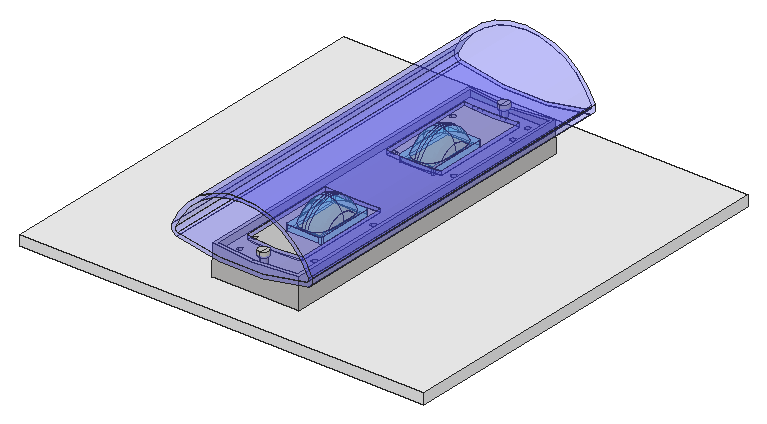
Revit family "BE_50086.2_de_DE", category Leuchten, Revit 2015
Parameters (values of type "BEGA_50086.2_K3")
  built-in parameter 1150104 = 8.3613 (stored number, unit not read)
  Wattage = 24 W
  Default Elevation = 0 mm
  built-in parameter 1150113 = 1 (stored number, unit not read)
  built-in parameter 1114218 = 1 (stored number, unit not read)
  Umgebungstemperatur = "25 °C"
  URL = "http://www.bega.de/produkt/50086.2"
  Typenkommentare = "© 2017 BEGA. Wir behalten uns das Recht vor, technische Änderungen ohne vorherige Ankündigung vorzunehmen."  # constant formula
  built-in parameter 1150134 = (empty or 0)
  built-in parameter 1150109 = 1 (stored number, unit not read)
  Strom = ""
  built-in parameter 1150110 = 1 (stored number, unit not read)
  Spannung = 230 V
  Sonderanfertigung = no
  Seriennummer [instance] = "Hier können Sie die eindeutige Seriennummer für das Facility Management eintragen."
  Schutzklasse = "I"
  Schutzart = "IP 20"
  Scheinlast = 0 VA
  Produktdatenblatt = "http://www.bega.de/download/Xrfa/db/50086.2.db.de.pdf"
  Oberflächentemperatur = ""
  Neigungswinkel = 0.00°
  Modell = "50086.2"
  Material_17 = BEGA_Reflektor
  Material_15 = BEGA_Leuchtmedium_matt
  Material_12 = BEGA_Kunststoff_klar
  Material_11 = BEGA_Glas_opal
  Material_09 = BEGA_Glas_klar
  Material_06 = BEGA_Oberfläche_Edelstahl_gebürstet
  Material_05 = BEGA_Oberfläche_Aluminium Guss
  Material_03 = BEGA_Oberfläche_Weiss_matt
  Material_02 = BEGA_Oberfläche_Silber_matt
  Material_01 [instance] = BEGA_Oberfläche_Grafit_matt
  M_W = no
  M_G = no
  M_A = no
  Logo = 0
  built-in parameter 1114217 = 1 (stored number, unit not read)
  built-in parameter 1150139 = (empty or 0)
  built-in parameter 1150105 = 171.89 (stored number, unit not read)
  built-in parameter 1150114 = 1 (stored number, unit not read)
  Lumens = 2160 lm
  built-in parameter 1150115 = 1 (stored number, unit not read)
  Leuchtenlichtstrom = "1784 lm"
  Leuchtenanzahl = ""
  Lebensdauerkriterien = "L70B50 @ 25 °C =  h"
  Lastklassifizierung = Beleuchtung
  built-in parameter 1150112 = 1 (stored number, unit not read)
  Lampenlichtstrom = "2160 lm"
  Lampe = "LED 24 W"
  LED_Modulbezeichnung = "2x LED-0607/830 "
  Hersteller = "BEGA"  # constant formula
  Halbstreuwinkel = ""
  Gewicht = "1.6 kg"
  Gebrauchslageneinschränkung [instance] = ""
  Frequenz = "50/60 Hz"
  Farbwiedergabeindex = "Ra > 80"
  Farbtemperaturverschiebung bei Dämpfen der Lampe = <Keine Auswahl>
  Farbtemperatur = "3000 K"
  Color Filter = 16777215
  built-in parameter 1150133 = 10 (stored number, unit not read)
  Energieeffizienzklasse = "LED A++ - A"
  built-in parameter 1150137 = (empty or 0)
  built-in parameter 1150132 = (empty or 0)
  ENEC = ""
  Dimmbar [instance] = ""
  Datei für fotometrisches Netz = "BE_50086.IES"
  CE_Konformität = "ja"
  Bestellnummer = "50086.2"
  Beschreibung_Sonderanfertigung = "Hier können Sie Informationen zur Sonderanfertigung eintragen."
  Beschreibung = "Wandleuchte"
  built-in parameter 1150106 = 1.7189 (stored number, unit not read)
  Befestigungsbohrung = "Ø 5 mm"
  Befestigungsabstand = "287 x 55 mm"
  Ballwurfsicher = ""
  BEGA_Intern_aus = yes
  BEGA_Intern_an = yes
  BEGA_Intern_Konstruktion = yes
  BEGA_Intern = yes
  BEGA_IES = yes
  BEGA_Dummy = no
  Anschlussleitung = ""
  Anschlussleistung [instance] = "24 W"
  Anschlusskasten = ""
  built-in parameter 1150107 = 3000 (stored number, unit not read)
  built-in parameter 1150102 = (empty or 0)
  built-in parameter 1150138 = (empty or 0)
  Aktualisierung = "2017-09-29T04:10:01"
  Abstand_zur_angestrahlten_Fläche [instance] = ""
  AC/DC = "AC"
Reference planes
  plane 1 "Mitte (Vorne/Hinten)": y = 0
  plane 2: z = 0
  plane 3 "Mitte (Links/Rechts)": x = 0
  plane 4 "Links": x = -70.001
  plane 5 "Rechts": x = 70.001
  plane 6 "Unten": y = -175
  plane 7 "Oben": y = 175
  plane 8 "Vorne": z = 91.477
  plane 9 "Hinten": z = 0
Forms (mm)
  Extrusion 1, solid, material "BEGA_Platte_Weiss"
    sketch origin (0, -1119.2, 0) x (1, 0, 0) y (0, 1, 0)
      loop
        line (-200, 1319.2) -> (-200, 919.2) -> (200, 919.2) -> (200, 1319.2) -> (-200, 1319.2)
    from 0 to -10
  Extrusion 2, solid, material "BEGA_Dummy_matt", visible <- "BEGA_Dummy"
    sketch origin (80.095, -76.023, 0) x (1, 0, 0) y (0, 1, 0)
      loop
        line (-150.096, 251.023) -> (-150.096, -98.977) -> (-10.095, -98.977) -> (-10.095, 251.023) -> (-150.096, 251.023)
    from 0 to 91.477
Dimensions and locks
  plane 1 "Mitte (Vorne/Hinten)" to Extrusion 1 = 200 mm
  aligned and locked: plane 2 to Extrusion 1
  aligned and locked: level to Extrusion 1
Nested families
  nested 1: "BE_50086.2" at (0, 0, 0), type "BE_50086.2"
Connectors
  electrical at (0, 0, 0), driven by "Lastklassifizierung", driven by "Spannung", driven by "Scheinlast"
    settings: index 1, voltage 230 V, apparent load 0 VA, apparent load phase1 0 VA, apparent load phase2 0 VA, apparent load phase3 0 VA, power factor 1, load classification "Beleuchtung", number of poles 1, system type 31, power factor state 1, is connector primary yes, connector utility no, sub classification motor no, connector description ""
Definition of nested family "BE_50086.2"
  Parameters (values of type "BE_50086.2")
    Default Elevation = 1 mm
    URL = "http://www.bega.de/de/produkt"
    Type Comments = "© 2015 BEGA. Wir behalten uns das Recht vor, technische Änderungen ohne vorherige Ankündigung vorzunehmen. "  # constant formula
    Type Image = (empty or 0)
    Neigungswinkel_um_Z2 = 0.00°
    Neigungswinkel_um_Z1 = 0.00°
    Neigungswinkel_um_Y2 = 0.00°
    Neigungswinkel_um_Y1 = 0.00°
    Neigungswinkel_um_X2 = 0.00°
    Neigungswinkel_um_X1 = 0.00°
    Material_17 = none
    Material_15 = none
    Material_12 = none
    Material_11 = none
    Material_09 = none
    Material_06 = none
    Material_05 = none
    Material_03 = none
    Material_02 = none
    Material_01 = none
    M_W = yes
    M_G = yes
    M_A = yes
    Länge_Platte = 300 mm  # constant formula
    Höhe_Platte = -10 mm  # constant formula
    Manufacturer = "BEGA"  # constant formula
    Drehwinkel_um_Z2 = 0.00°
    Drehwinkel_um_Z1 = 0.00°
    Breite_Platte = 500 mm  # constant formula
  Reference planes
    plane 1 "Mitte (Oben/Unten)": y = 0
    plane 2: z = 0
    plane 3 "Mitte (Links/Rechts)": x = 0
    plane 4: x = -70.001
    plane 5: x = 70.001
    plane 6: z = 91.477
    plane 7: y = -175
    plane 8: y = 175
  Forms (mm)
    Extrusion 1, solid, detail levels medium
      sketch origin (0, 0, 0) x (1, 0, 0) y (0, 1, 0)
        loop
          line (-150, 250) -> (-150, -250) -> (150, -250) -> (150, 250) -> (-150, 250)
      from 0 to -10 <- "Höhe_Platte"
    Sweep 2, solid, material <- "Material_06", detail levels medium+fine
      path origin (0, 0, 0) x (1, 0, 0) y (0, 1, 0)
        loop
          line (-43, 158.5) -> (-43, -158.5) -> (43, -158.5) -> (43, 158.5) -> (-43, 158.5)
      profile origin (-43, 0, 0) x (1, 0, 0) y (0, 0, 1)
        loop
          line (0, 0) -> (3, 0) -> (3.49, 14.036)
          arc (3.49, 14.036) -> (3.795, 14.72) -> (4.49, 15) r 1
          line (4.49, 15) -> (41.372, 15) -> (41.372, 23) -> (4.066, 23) -> (3.834, 29.636) -> (0.517, 29.636) -> (0, 0)
    Extrusion 3, void
      sketch origin (0, 0, 0) x (1, 0, 0) y (0, 1, 0)
        loop
          circle (27.577, 143.5) r 2.5
        loop
          circle (-27.423, -143.5) r 2.5
        loop
          circle (-29.5, 49.5) r 2.605
        loop
          circle (29.5, 49.5) r 2.605
        loop
          circle (-29.5, 122.5) r 2.605
        loop
          circle (29.5, 122.5) r 2.605
        loop
          circle (-29.5, -49.5) r 2.605
        loop
          circle (29.5, -49.5) r 2.605
        loop
          circle (-29.5, -122.5) r 2.605
        loop
          circle (29.5, -122.5) r 2.605
      from -0.512 to 23.779
    Extrusion 4, solid, material <- "Material_06", detail levels medium+fine
      sketch origin (0, 0, 0) x (1, 0, 0) y (0, 0, 1)
        loop
          line (-2.307, 23) -> (-2.307, 15) -> (3.665, 15) -> (3.665, 23) -> (-2.307, 23)
      from -119.836 to 117.128
    Revolve 5, solid, material <- "Material_06", detail levels medium+fine
      sketch origin (55, 143.5, 0) x (1, 0, 0) y (0, 0, 1)
        loop
          line (-35.973, 14.036) -> (-35.567, 2.43)
          arc (-35.567, 2.43) -> (-34.958, 1.061) -> (-33.569, 0.5) r 2
          line (-33.569, 0.5) -> (-27.5, 0.5) -> (-27.5, 15) -> (-36.972, 15)
          arc (-36.972, 15) -> (-36.278, 14.72) -> (-35.973, 14.036) r 1
        axis (-27.5, 15) -> (-27.5, 0.5)
      angle from 0 to 360
    Extrusion 6, void
      sketch origin (0, 0, 0) x (1, 0, 0) y (0, 0, 1)
        loop
          arc (-4.714, 26.037) -> (30.154, 27.818) -> (64.433, 34.438) r 250
          line (64.433, 34.438) -> (-64.433, 34.438)
          arc (-64.433, 34.438) -> (-34.828, 28.43) -> (-4.714, 26.037) r 250
      from -163.306 to 163.206
    Revolve 7, solid, material <- "Material_12", detail levels medium+fine
      sketch origin (0, 69.717, 0) x (1, 0, 0) y (0, 0, 1)
        loop
          arc (-2.803, 47.359) -> (-10.163, 43.923) -> (-14.774, 37.236) r 15.5
          arc (-14.774, 37.236) -> (-15.878, 32.98) -> (-16.25, 28.6) r 26.067
          line (-16.25, 28.6) -> (16.25, 28.6)
          arc (16.25, 28.6) -> (15.878, 32.98) -> (14.774, 37.236) r 26.067
          arc (14.774, 37.236) -> (10.163, 43.923) -> (2.803, 47.359) r 15.5
          arc (2.803, 47.359) -> (1.407, 47.54) -> (0, 47.6) r 16.458
          arc (0, 47.6) -> (-1.406, 47.54) -> (-2.803, 47.359) r 16.458
        axis (-16.25, 16.6) -> (16.25, 16.6)
      angle from 0 to 360
    Extrusion 8, void
      sketch origin (0, 0, 0) x (1, 0, 0) y (0, 0, 1)
        loop
          line (-16.793, 29.077) -> (-16.793, -16.4) -> (17.03, -16.4) -> (17.03, 29.077) -> (-16.793, 29.077)
      from -104.013 to -36.47
    Extrusion 9, solid, material <- "Material_12", detail levels medium+fine
      sketch origin (0, 0, 0) x (1, 0, 0) y (0, 1, 0)
        loop
          arc (-15.275, 99.208) -> (-16.213, 99.025) -> (-17.013, 98.502) r 2.489
          arc (-17.013, 98.502) -> (-17.532, 97.704) -> (-17.714, 96.77) r 2.489
          line (-17.714, 96.77) -> (-17.714, 42.219)
          arc (-17.714, 42.219) -> (-17.532, 41.285) -> (-17.012, 40.487) r 2.489
          arc (-17.012, 40.487) -> (-16.213, 39.964) -> (-15.275, 39.781) r 2.489
          line (-15.275, 39.781) -> (15.273, 39.781)
          arc (15.273, 39.781) -> (16.212, 39.964) -> (17.012, 40.487) r 2.489
          arc (17.012, 40.487) -> (17.532, 41.285) -> (17.714, 42.219) r 2.489
          line (17.714, 42.219) -> (17.714, 96.77)
          arc (17.714, 96.77) -> (17.532, 97.704) -> (17.013, 98.502) r 2.489
          arc (17.013, 98.502) -> (16.213, 99.025) -> (15.275, 99.208) r 2.489
          line (15.275, 99.208) -> (-15.275, 99.208)
      from 23 to 29.077
    Extrusion 10, solid, material <- "Material_11", detail levels medium+fine
      sketch origin (0, 0, 0) x (1, 0, 0) y (0, 0, 1)
        loop
          arc (-69.445, 44.802) -> (-69.18, 38.558) -> (-64.279, 34.683) r 7.5
          arc (-64.279, 34.683) -> (0.08, 26.278) -> (64.433, 34.724) r 250
          arc (64.433, 34.724) -> (69.216, 38.632) -> (69.445, 44.805) r 7.5
          arc (69.445, 44.805) -> (-0.001, 91.477) -> (-69.445, 44.802) r 75
        loop
          arc (-65.741, 43.291) -> (-65.614, 40.371) -> (-63.316, 38.566) r 3.5
          arc (-63.316, 38.566) -> (0.045, 30.278) -> (63.402, 38.589) r 246
          arc (63.402, 38.589) -> (65.634, 40.412) -> (65.741, 43.294) r 3.5
          arc (65.741, 43.294) -> (-0.001, 87.477) -> (-65.741, 43.291) r 71
      from -175 to 175
    Extrusion 11, solid, material <- "Material_15", detail levels medium+fine
      sketch origin (0, 0, 0) x (1, 0, 0) y (0, 1, 0)
        loop
          line (-11.5, 93.3) -> (-11.5, 45.7) -> (11.5, 45.7) -> (11.5, 93.3) -> (-11.5, 93.3)
      from 25.258 to 26.343
    Extrusion 12, void
      sketch origin (0, 0, 0) x (1, 0, 0) y (0, 1, 0)
        loop
          line (27.157, 134.657) -> (-27.157, 134.657) -> (-27.157, 37.343) -> (27.157, 37.343) -> (27.157, 134.657)
        loop
          line (27.157, -134.657) -> (27.157, -37.343) -> (-27.157, -37.343) -> (-27.157, -134.657) -> (27.157, -134.657)
      from 24.301 to 35.745
    Revolve 13, solid, material <- "Material_06", detail levels fine
      sketch origin (0, 0, 0) x (0, -1, 0) y (0, 0, 1)
        loop
          line (-148.5, 34.277) -> (-148.5, 18) -> (-145.5, 18) -> (-145.5, 30.07) -> (-143.515, 30.07) -> (-143.515, 34.277) -> (-148.5, 34.277)
        axis (-148.5, 34.277) -> (-148.5, 18)
      angle from 0 to 360
    Revolve 14, solid, material <- "Material_06", detail levels medium+fine
      sketch origin (-55, -143.5, 0) x (-1, 0, 0) y (0, 0, 1)
        loop
          line (-35.973, 14.036) -> (-35.567, 2.43)
          arc (-35.567, 2.43) -> (-34.958, 1.061) -> (-33.569, 0.5) r 2
          line (-33.569, 0.5) -> (-27.5, 0.5) -> (-27.5, 15) -> (-36.972, 15)
          arc (-36.972, 15) -> (-36.278, 14.72) -> (-35.973, 14.036) r 1
        axis (-27.5, 15) -> (-27.5, 0.5)
      angle from 0 to 360
    Revolve 15, solid, material <- "Material_06", detail levels fine
      sketch origin (0, 0, 0) x (0, 1, 0) y (0, 0, 1)
        loop
          line (-148.5, 34.277) -> (-148.5, 18) -> (-145.5, 18) -> (-145.5, 30.07) -> (-143.515, 30.07) -> (-143.515, 34.277) -> (-148.5, 34.277)
        axis (-148.5, 34.277) -> (-148.5, 18)
      angle from 0 to 360
    Revolve 16, solid, material <- "Material_12", detail levels medium+fine
      sketch origin (0, -69.717, 0) x (1, 0, 0) y (0, 0, -1)
        loop
          arc (-2.803, -47.359) -> (-1.406, -47.54) -> (0, -47.6) r 16.458
          arc (0, -47.6) -> (1.407, -47.54) -> (2.803, -47.359) r 16.458
          arc (2.803, -47.359) -> (10.163, -43.923) -> (14.774, -37.236) r 15.5
          arc (14.774, -37.236) -> (15.878, -32.98) -> (16.25, -28.6) r 26.067
          line (16.25, -28.6) -> (-16.25, -28.6)
          arc (-16.25, -28.6) -> (-15.878, -32.98) -> (-14.774, -37.236) r 26.067
          arc (-14.774, -37.236) -> (-10.163, -43.923) -> (-2.803, -47.359) r 15.5
        axis (-16.25, -16.6) -> (16.25, -16.6)
      angle from 0 to 360
    Extrusion 17, solid, material <- "Material_12", detail levels medium+fine
      sketch origin (0, 0, 0) x (1, 0, 0) y (0, 1, 0)
        loop
          line (-15.275, -99.208) -> (15.275, -99.208)
          arc (15.275, -99.208) -> (16.213, -99.025) -> (17.013, -98.502) r 2.489
          arc (17.013, -98.502) -> (17.532, -97.704) -> (17.714, -96.77) r 2.489
          line (17.714, -96.77) -> (17.714, -42.219)
          arc (17.714, -42.219) -> (17.532, -41.285) -> (17.012, -40.487) r 2.489
          arc (17.012, -40.487) -> (16.212, -39.964) -> (15.273, -39.781) r 2.489
          line (15.273, -39.781) -> (-15.275, -39.781)
          arc (-15.275, -39.781) -> (-16.213, -39.964) -> (-17.012, -40.487) r 2.489
          arc (-17.012, -40.487) -> (-17.532, -41.285) -> (-17.714, -42.219) r 2.489
          line (-17.714, -42.219) -> (-17.714, -96.77)
          arc (-17.714, -96.77) -> (-17.532, -97.704) -> (-17.013, -98.502) r 2.489
          arc (-17.013, -98.502) -> (-16.213, -99.025) -> (-15.275, -99.208) r 2.489
      from 23 to 29.077
    Extrusion 18, void
      sketch origin (0, 0, 0) x (1, 0, 0) y (0, 0, -1)
        loop
          line (-16.793, -29.077) -> (17.03, -29.077) -> (17.03, 16.4) -> (-16.793, 16.4) -> (-16.793, -29.077)
      from -104.013 to -36.47
    Extrusion 19, solid, material <- "Material_15", detail levels medium+fine
      sketch origin (0, 0, 0) x (1, 0, 0) y (0, 1, 0)
        loop
          line (-11.5, -93.3) -> (11.5, -93.3) -> (11.5, -45.7) -> (-11.5, -45.7) -> (-11.5, -93.3)
      from 25.258 to 26.343
  Cuts and joins
    Extrusion 3, Extrusion 6, Extrusion 12 cuts Sweep 2
    Extrusion 6, Extrusion 12 cuts Extrusion 4
    Extrusion 3, Extrusion 12 cuts Revolve 5
    Extrusion 3 cuts Revolve 14
    joined: Sweep 2, Extrusion 4, Revolve 5, Revolve 14
    Extrusion 8, Extrusion 18 cuts Revolve 7
    Extrusion 18 cuts Extrusion 9
    joined: Revolve 7, Extrusion 9
    Extrusion 12 cuts Extrusion 10
    Extrusion 18 cuts Extrusion 11
    Extrusion 18 cuts Revolve 16
    joined: Revolve 16, Extrusion 17
  Dimensions and locks
    equal spacing: Extrusion 1 sketch curve, plane 3 "Mitte (Links/Rechts)", Extrusion 1 sketch curve
    equal spacing: Extrusion 1 sketch curve, plane 1 "Mitte (Oben/Unten)", Extrusion 1 sketch curve
    "Länge_Platte": Extrusion 1 sketch curve to Extrusion 1 sketch curve
    "Breite_Platte": Extrusion 1 sketch curve to Extrusion 1 sketch curve
    aligned and locked: Extrusion 1 to plane 2
    aligned and locked: level to Extrusion 1
  Automatic sketch dimensions
    Sweep 2 sketch curve to plane 4 = 27.001 mm
    Sweep 2 sketch curve to plane 5 = 27.001 mm
    plane 1 "Mitte (Oben/Unten)" to Sweep 2 sketch curve = 158.5 mm
    Sweep 2 sketch curve to plane 1 "Mitte (Oben/Unten)" = 158.5 mm
    Sweep 2 sketch curve to level = 0 mm
    profile plane to Sweep 2 sketch curve = 0 mm
    Sweep 2 sketch curve to profile plane = 0.517 mm
    Sweep 2 sketch curve to profile plane = 3 mm
    Sweep 2 sketch curve to profile plane = 3.49 mm
    Sweep 2 sketch curve to Sweep 2 sketch curve = 3.317 mm
    Sweep 2 sketch curve to profile plane = 4.066 mm
    Sweep 2 sketch curve to Sweep 2 sketch curve = 0.999 mm
    level to Sweep 2 sketch curve = 15 mm
    Sweep 2 sketch curve to Sweep 2 sketch curve = 36.883 mm
    Sweep 2 sketch curve to Sweep 2 sketch curve = 1 mm
    Sweep 2 sketch curve to Sweep 2 sketch curve = 8 mm
    Sweep 2 sketch curve to Sweep 2 sketch curve = 6.636 mm
    Extrusion 3 sketch curve to plane 3 "Mitte (Links/Rechts)" = 29.5 mm  (x4)
    Extrusion 3 sketch curve to Extrusion 3 sketch curve = 2.077 mm
    plane 3 "Mitte (Links/Rechts)" to Extrusion 3 sketch curve = 27.577 mm
    plane 3 "Mitte (Links/Rechts)" to Extrusion 3 sketch curve = 29.5 mm  (x3)
    Extrusion 3 sketch curve to Extrusion 3 sketch curve = 1.923 mm
    plane 1 "Mitte (Oben/Unten)" to Extrusion 3 sketch curve = 143.5 mm
    Extrusion 3 sketch curve to Extrusion 3 sketch curve = 21 mm  (x3)
    plane 1 "Mitte (Oben/Unten)" to Extrusion 3 sketch curve = 49.5 mm  (x2)
    Extrusion 3 sketch curve to plane 1 "Mitte (Oben/Unten)" = 49.5 mm  (x2)
    Extrusion 3 sketch curve to Extrusion 3 sketch curve = 73 mm
    Extrusion 3 sketch curve to Extrusion 3 sketch curve = 0 mm
    Extrusion 4 sketch curve to plane 3 "Mitte (Links/Rechts)" = 2.307 mm
    plane 3 "Mitte (Links/Rechts)" to Extrusion 4 sketch curve = 3.665 mm
    level to Extrusion 4 sketch curve = 15 mm
    Extrusion 4 sketch curve to Extrusion 4 sketch curve = 8 mm
    plane 3 "Mitte (Links/Rechts)" to Revolve 5 sketch curve = 18.028 mm
    Revolve 5 sketch curve to Revolve 5 sketch curve = 0.999 mm
    level to Revolve 5 sketch curve = 0.5 mm
    Revolve 5 sketch curve to Revolve 5 sketch curve = 2.404 mm
    Revolve 5 sketch curve to Revolve 5 sketch curve = 6.069 mm
    Revolve 5 sketch curve to Revolve 5 sketch curve = 2 mm  (x2)
    Revolve 5 sketch curve to Revolve 5 sketch curve = 11.5 mm
    Revolve 5 sketch curve to Revolve 5 sketch curve = 0.036 mm
    Revolve 5 sketch curve to Revolve 5 sketch curve = 0.964 mm
    Revolve 5 sketch curve to Revolve 5 sketch curve = 0 mm  (x3)
    level to Revolve 5 sketch curve = 2.43 mm
    Revolve 5 sketch curve to Revolve 5 sketch curve = 1.999 mm
    Revolve 5 sketch curve to level = 1.5 mm
    Extrusion 6 sketch curve to Extrusion 6 sketch curve = 0 mm  (x2)
    Extrusion 6 sketch curve to plane 3 "Mitte (Links/Rechts)" = 0 mm
    Extrusion 6 sketch curve to plane 4 = 5.568 mm
    level to Extrusion 6 sketch curve = 34.438 mm
    Extrusion 6 sketch curve to Extrusion 6 sketch curve = 241.554 mm
    Extrusion 6 sketch curve to plane 3 "Mitte (Links/Rechts)" = 4.714 mm
    Revolve 7 sketch curve to plane 3 "Mitte (Links/Rechts)" = 0 mm  (x2)
    Revolve 7 sketch curve to plane 3 "Mitte (Links/Rechts)" = 0.001 mm
    Revolve 7 sketch curve to plane 3 "Mitte (Links/Rechts)" = 0.154 mm
    Revolve 7 sketch curve to plane 3 "Mitte (Links/Rechts)" = 9.816 mm
    Revolve 7 sketch curve to Revolve 7 sketch curve = 6.434 mm  (x2)
    plane 3 "Mitte (Links/Rechts)" to Revolve 7 sketch curve = 0.001 mm
    plane 3 "Mitte (Links/Rechts)" to Revolve 7 sketch curve = 0.154 mm
    plane 3 "Mitte (Links/Rechts)" to Revolve 7 sketch curve = 9.816 mm
    level to Revolve 7 sketch curve = 28.588 mm
    Revolve 7 sketch curve to Revolve 7 sketch curve = 0 mm  (x6)
    Revolve 7 sketch curve to Revolve 7 sketch curve = 0.012 mm
    Revolve 7 sketch curve to Revolve 7 sketch curve = 2.554 mm
    Revolve 7 sketch curve to Revolve 7 sketch curve = 0.945 mm
    Revolve 7 sketch curve to plane 3 "Mitte (Links/Rechts)" = 2.803 mm
    Revolve 7 sketch curve to Revolve 7 sketch curve = 1.476 mm  (x2)
    plane 3 "Mitte (Links/Rechts)" to Revolve 7 sketch curve = 2.803 mm
    plane 3 "Mitte (Links/Rechts)" to Revolve 7 sketch curve = 5 mm
    Revolve 7 sketch curve to Revolve 7 sketch curve = 11.988 mm
    Extrusion 8 sketch curve to plane 3 "Mitte (Links/Rechts)" = 16.793 mm
    plane 3 "Mitte (Links/Rechts)" to Extrusion 8 sketch curve = 17.03 mm
    Extrusion 8 sketch curve to level = 16.4 mm
    level to Extrusion 8 sketch curve = 29.077 mm
    Extrusion 9 sketch curve to plane 3 "Mitte (Links/Rechts)" = 15.276 mm  (x2)
    Extrusion 9 sketch curve to Extrusion 9 sketch curve = 0.051 mm  (x11)
    plane 3 "Mitte (Links/Rechts)" to Extrusion 9 sketch curve = 15.225 mm  (x2)
    Extrusion 9 sketch curve to Extrusion 9 sketch curve = 0.049 mm
    Extrusion 9 sketch curve to plane 1 "Mitte (Oben/Unten)" = 39.781 mm
    Extrusion 9 sketch curve to Extrusion 9 sketch curve = 2.438 mm  (x2)
    Extrusion 9 sketch curve to Extrusion 9 sketch curve = 54.449 mm
    Extrusion 9 sketch curve to Extrusion 9 sketch curve = 0 mm  (x12)
    Extrusion 9 sketch curve to Extrusion 9 sketch curve = 1.737 mm  (x5)
    Extrusion 9 sketch curve to Extrusion 9 sketch curve = 0.702 mm  (x2)
    Extrusion 9 sketch curve to Extrusion 9 sketch curve = 0.701 mm  (x2)
    Extrusion 9 sketch curve to Extrusion 9 sketch curve = 1.739 mm
    Extrusion 10 sketch curve to Extrusion 10 sketch curve = 0 mm  (x15)
    Extrusion 10 sketch curve to plane 3 "Mitte (Links/Rechts)" = 0 mm
    Extrusion 10 sketch curve to plane 4 = 7.5 mm
    plane 3 "Mitte (Links/Rechts)" to Extrusion 10 sketch curve = 0 mm
    Extrusion 10 sketch curve to plane 5 = 7.501 mm
    level to Extrusion 10 sketch curve = 16.477 mm
    level to Extrusion 10 sketch curve = 41.969 mm
    level to Extrusion 10 sketch curve = 41.971 mm
    Extrusion 10 sketch curve to Extrusion 10 sketch curve = 234.307 mm
    Extrusion 10 sketch curve to Extrusion 10 sketch curve = 0.815 mm
    Extrusion 10 sketch curve to Extrusion 10 sketch curve = 0.963 mm
    Extrusion 10 sketch curve to Extrusion 10 sketch curve = 3.241 mm  (x2)
    Extrusion 10 sketch curve to plane 4 = 0.555 mm
    Extrusion 10 sketch curve to Extrusion 10 sketch curve = 0.902 mm
    Extrusion 10 sketch curve to Extrusion 10 sketch curve = 1.031 mm
    Extrusion 10 sketch curve to plane 5 = 0.556 mm
    Extrusion 10 sketch curve to Extrusion 10 sketch curve = 0.001 mm
    Extrusion 11 sketch curve to plane 3 "Mitte (Links/Rechts)" = 11.5 mm
    plane 3 "Mitte (Links/Rechts)" to Extrusion 11 sketch curve = 11.5 mm
    Extrusion 11 sketch curve to plane 1 "Mitte (Oben/Unten)" = 45.7 mm
    Extrusion 11 sketch curve to Extrusion 11 sketch curve = 47.6 mm
    Extrusion 12 sketch curve to plane 3 "Mitte (Links/Rechts)" = 27.157 mm  (x2)
    plane 3 "Mitte (Links/Rechts)" to Extrusion 12 sketch curve = 27.157 mm  (x2)
    plane 1 "Mitte (Oben/Unten)" to Extrusion 12 sketch curve = 134.657 mm
    plane 1 "Mitte (Oben/Unten)" to Extrusion 12 sketch curve = 37.343 mm
    Extrusion 12 sketch curve to plane 1 "Mitte (Oben/Unten)" = 37.343 mm
    Extrusion 12 sketch curve to Extrusion 12 sketch curve = 97.315 mm
    Revolve 13 sketch curve to level = 34.277 mm
    plane 1 "Mitte (Oben/Unten)" to Revolve 13 sketch curve = 148.5 mm
    Revolve 13 sketch curve to Revolve 13 sketch curve = 3 mm
    Revolve 13 sketch curve to Revolve 13 sketch curve = 1.985 mm
    Revolve 13 sketch curve to Revolve 13 sketch curve = 4.207 mm
    Revolve 13 sketch curve to Revolve 13 sketch curve = 12.07 mm
    Revolve 13 sketch curve to Revolve 13 sketch curve = 0 mm
    Revolve 13 sketch curve to Revolve 13 sketch curve = 0.277 mm
    Revolve 13 sketch curve to Revolve 13 sketch curve = 0.722 mm
    Revolve 14 sketch curve to plane 3 "Mitte (Links/Rechts)" = 18.028 mm
    Revolve 14 sketch curve to Revolve 14 sketch curve = 0.999 mm
    level to Revolve 14 sketch curve = 0.5 mm
    Revolve 14 sketch curve to Revolve 14 sketch curve = 2.404 mm
    Revolve 14 sketch curve to Revolve 14 sketch curve = 6.069 mm
    Revolve 14 sketch curve to Revolve 14 sketch curve = 2 mm  (x2)
    Revolve 14 sketch curve to Revolve 14 sketch curve = 11.5 mm
    Revolve 14 sketch curve to Revolve 14 sketch curve = 0.036 mm
    Revolve 14 sketch curve to Revolve 14 sketch curve = 0.964 mm
    Revolve 14 sketch curve to Revolve 14 sketch curve = 0 mm  (x3)
    level to Revolve 14 sketch curve = 2.43 mm
    Revolve 14 sketch curve to Revolve 14 sketch curve = 1.999 mm
    Revolve 14 sketch curve to level = 1.5 mm
    level to Revolve 15 sketch curve = 34.277 mm
    plane 1 "Mitte (Oben/Unten)" to Revolve 15 sketch curve = 148.5 mm
    Revolve 15 sketch curve to Revolve 15 sketch curve = 3 mm
    Revolve 15 sketch curve to Revolve 15 sketch curve = 1.985 mm
    Revolve 15 sketch curve to Revolve 15 sketch curve = 4.207 mm
    Revolve 15 sketch curve to Revolve 15 sketch curve = 12.07 mm
    Revolve 15 sketch curve to Revolve 15 sketch curve = 0 mm
    Revolve 15 sketch curve to Revolve 15 sketch curve = 0.277 mm
    Revolve 15 sketch curve to Revolve 15 sketch curve = 0.722 mm
    Revolve 16 sketch curve to plane 3 "Mitte (Links/Rechts)" = 0 mm  (x2)
    Revolve 16 sketch curve to plane 3 "Mitte (Links/Rechts)" = 0.001 mm
    Revolve 16 sketch curve to plane 3 "Mitte (Links/Rechts)" = 0.154 mm
    Revolve 16 sketch curve to plane 3 "Mitte (Links/Rechts)" = 9.816 mm
    Revolve 16 sketch curve to Revolve 16 sketch curve = 6.434 mm  (x2)
    plane 3 "Mitte (Links/Rechts)" to Revolve 16 sketch curve = 0.001 mm
    plane 3 "Mitte (Links/Rechts)" to Revolve 16 sketch curve = 0.154 mm
    plane 3 "Mitte (Links/Rechts)" to Revolve 16 sketch curve = 9.816 mm
    level to Revolve 16 sketch curve = 32.087 mm
    Revolve 16 sketch curve to Revolve 16 sketch curve = 0 mm  (x5)
    Revolve 16 sketch curve to Revolve 16 sketch curve = 0.945 mm
    Revolve 16 sketch curve to Revolve 16 sketch curve = 2.542 mm
    Revolve 16 sketch curve to Revolve 16 sketch curve = 0.012 mm  (x2)
    Revolve 16 sketch curve to plane 3 "Mitte (Links/Rechts)" = 2.803 mm
    Revolve 16 sketch curve to Revolve 16 sketch curve = 1.476 mm  (x2)
    plane 3 "Mitte (Links/Rechts)" to Revolve 16 sketch curve = 2.803 mm
    plane 3 "Mitte (Links/Rechts)" to Revolve 16 sketch curve = 5 mm
    Revolve 16 sketch curve to Revolve 16 sketch curve = 11.988 mm
    plane 3 "Mitte (Links/Rechts)" to Extrusion 17 sketch curve = 15.276 mm  (x2)
    Extrusion 17 sketch curve to Extrusion 17 sketch curve = 0.051 mm  (x11)
    Extrusion 17 sketch curve to plane 3 "Mitte (Links/Rechts)" = 15.225 mm  (x2)
    Extrusion 17 sketch curve to Extrusion 17 sketch curve = 0.049 mm
    Extrusion 17 sketch curve to plane 1 "Mitte (Oben/Unten)" = 39.781 mm
    Extrusion 17 sketch curve to Extrusion 17 sketch curve = 2.438 mm  (x2)
    Extrusion 17 sketch curve to Extrusion 17 sketch curve = 54.449 mm
    Extrusion 17 sketch curve to Extrusion 17 sketch curve = 0 mm  (x12)
    Extrusion 17 sketch curve to Extrusion 17 sketch curve = 1.737 mm  (x5)
    Extrusion 17 sketch curve to Extrusion 17 sketch curve = 0.702 mm  (x2)
    Extrusion 17 sketch curve to Extrusion 17 sketch curve = 0.701 mm  (x2)
    Extrusion 17 sketch curve to Extrusion 17 sketch curve = 1.739 mm
    Extrusion 18 sketch curve to plane 3 "Mitte (Links/Rechts)" = 16.793 mm
    plane 3 "Mitte (Links/Rechts)" to Extrusion 18 sketch curve = 17.03 mm
    level to Extrusion 18 sketch curve = 29.077 mm
    Extrusion 18 sketch curve to level = 16.4 mm
    plane 3 "Mitte (Links/Rechts)" to Extrusion 19 sketch curve = 11.5 mm
    Extrusion 19 sketch curve to plane 3 "Mitte (Links/Rechts)" = 11.5 mm
    Extrusion 19 sketch curve to plane 1 "Mitte (Oben/Unten)" = 45.7 mm
    Extrusion 19 sketch curve to Extrusion 19 sketch curve = 47.6 mm
    radius of Extrusion 3 sketch curve = 2.5 mm  (x2)
    radius of Extrusion 3 sketch curve = 2.605 mm  (x8)
